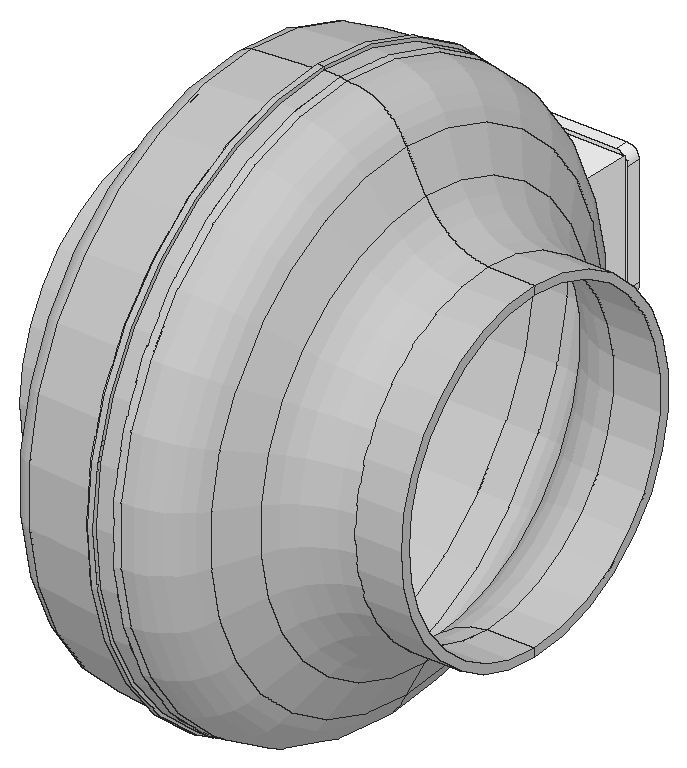
Revit family "CK 200 A EC_7001105", category Mechanical Equipment, Revit 2014
Parameters (values of type "CK 200 A EC")
  Wiring diagram = "4040180"
  Weight = 4.00 kg
  Voltage range = "200-240 / 50/60 V/Hz"
  Voltage = 230 V
  Speed = "2900 rpm"
  Sound pressure level at 3 m = "46 dB(A)"
  Power = 120 W
  Phase = 1
  Max. temperature of transported air when speed controlled = 60 °C
  Max. temperature of transported air = 60 °C
  Main Material = Steel, Galvanized
  Frequency = 50 Hz
  Elevation [instance] = 2772.5 mm
  Diameter = 199 mm
  Current = 0.97 A
  Capacitor = "- μF"
Reference planes
  plane 1 "Center (Front/Back)": y = 0
  plane 2: z = 0
  plane 3 "Center (Left/Right)": x = 0
  plane 4: z = 2772.5
Dimensions and locks
  "Elevation": plane 4 to plane 2
  aligned and locked: level to plane 2
  aligned and locked: plane 3 "Center (Left/Right)" to nested 1
  aligned and locked: plane 1 "Center (Front/Back)" to nested 1
  aligned and locked: nested 1 to plane 4
  aligned and locked: plane 1 "Center (Front/Back)" to nested 2
  aligned and locked: plane 3 "Center (Left/Right)" to nested 2
Nested families
  nested 1: "CK 200 A AC_CK 200 B ErP AC_CK 200 A EC_CK 200 B EC_geometry" at (0, 0, 2600), type "CK 200 A AC_CK 200 B ErP AC_CK 200 A EC_CK 200 B EC_geometry"
  nested 2: "Flow direction symbol" at (0, 0, 0), type "Flow direction symbol"
Connectors
  hvac at (-114, 0, 2772.5), driven by "Diameter"
    settings: on nested 1, index 1, duct flow 0.0 L/s, flow factor 0, pres drop 0.0 Pa, loss coef 0, conn angle 0.00°, conn width 304.8 mm, conn height 304.8 mm, conn diameter 199 mm, duct sys type 1, conn prof type 0, flow config 0, flow direction 1, loss method 0, conn ref index -1, conn util no, is conn primary yes, conn desc ""
  hvac at (114, 0, 2772.5), driven by "Diameter"
    settings: on nested 1, index 2, duct flow 0.0 L/s, flow factor 0, pres drop 0.0 Pa, loss coef 0, conn angle 0.00°, conn width 304.8 mm, conn height 304.8 mm, conn diameter 199 mm, duct sys type 3, conn prof type 0, flow config 0, flow direction 2, loss method 0, conn ref index -1, conn util no, is conn primary no, conn desc ""
  electrical at (-41.002, 213.31, 2773.759), driven by "Phase", driven by "Voltage"
    settings: on nested 1, index 3, voltage 230 V, apparent load 0 VA, apparent load phase1 0 VA, apparent load phase2 0 VA, apparent load phase3 0 VA, power factor 1, load classification "Other", number of poles 1, system type 31, power factor state 1, is connector primary yes, connector utility no, sub classification motor no, connector description ""
Definition of nested family "CK 200 A AC_CK 200 B ErP AC_CK 200 A EC_CK 200 B EC_geometry"
  Parameters (values of type "CK 200 A AC_CK 200 B ErP AC_CK 200 A EC_CK 200 B EC_geometry")
    Main Material = Steel, Galvanized
  Reference planes
    plane 1 "Center (Front/Back)": y = 0
    plane 2: z = 0
    plane 3 "Center (Left/Right)": x = 0
    plane 4: z = 172.5
    plane 5: y = 213.31
    plane 6: y = 172.5
    plane 7: y = -172.5
    plane 8: x = -114
    plane 9: x = 114
    plane 10: z = 345
  Forms (mm)
    Revolve 1, solid, material "Steel, Galvanized" <- "Main Material", detail levels coarse
      sketch origin (0, 0, 0) x (1, 0, 0) y (0, 0, 1)
        loop
          line (-114, 172.5) -> (-114, 73) -> (-84, 73)
          arc (-84, 73) -> (-80.275, 71.617) -> (-78.355, 68.138) r 5.708
          line (-78.355, 68.138) -> (-69.37, 21.916)
          arc (-69.37, 21.916) -> (-64.559, 12.07) -> (-55.46, 5.963) r 21.11
          arc (-55.46, 5.963) -> (-35.501, 2.961) -> (-15.481, 0.401) r 915.775
          arc (-15.481, 0.401) -> (-8.934, 0.051) -> (-2.396, 0.525) r 52.168
          arc (-2.396, 0.525) -> (11.553, 3.79) -> (24.64, 9.619) r 75.85
          arc (24.64, 9.619) -> (30.539, 14.005) -> (35.163, 19.721) r 29.321
          arc (35.163, 19.721) -> (41.654, 31.255) -> (47.159, 43.292) r 158.269
          arc (47.159, 43.292) -> (62.566, 63.44) -> (86.059, 73) r 48.289
          line (86.059, 73) -> (114, 73) -> (114, 172.5) -> (-114, 172.5)
        axis (-114, 172.5) -> (114, 172.5)
      angle from 0 to 360
    Extrusion 2, solid, material "Plastic", detail levels medium+fine
      sketch origin (2.5, 53.648, 51.25) x (1, 0, 0) y (0, 0, 1)
        loop
          line (-4.004, 163.259) -> (-83, 163.259)
          arc (-83, 163.259) -> (-87.95, 161.209) -> (-90, 156.259) r 7
          line (-90, 156.259) -> (-90, 90.259)
          arc (-90, 90.259) -> (-87.071, 83.188) -> (-80, 80.259) r 10
          line (-80, 80.259) -> (-7.004, 80.259)
          arc (-7.004, 80.259) -> (0.067, 83.188) -> (2.996, 90.259) r 10
          line (2.996, 90.259) -> (2.996, 156.259)
          arc (2.996, 156.259) -> (0.945, 161.209) -> (-4.004, 163.259) r 7
      from -159.662 to -151.628
    Extrusion 3, solid, material "Plastic", detail levels medium+fine
      sketch origin (2.5, 53.648, 51.25) x (0, 1, 0) y (0, 0, 1)
        loop
          line (118.852, 161.259) -> (118.852, 81.741) -> (151.628, 81.741) -> (151.628, 161.259) -> (118.852, 161.259)
      from -88 to 1
    Revolve 4, solid, material "Steel, Galvanized" <- "Main Material", detail levels medium+fine
      sketch origin (0, 0, 0) x (1, 0, 0) y (0, 0, 1)
        loop
          line (114, 172.5) -> (-114, 172.5) -> (-114, 73) -> (-85.704, 73)
          arc (-85.704, 73) -> (-80.507, 70.847) -> (-78.355, 65.65) r 7.35
          line (-78.355, 65.65) -> (-71.444, 30.098)
          arc (-71.444, 30.098) -> (-69.975, 23.62) -> (-68.107, 17.245) r 107.063
          arc (-68.107, 17.245) -> (-63.303, 9.901) -> (-55.46, 5.963) r 16.87
          line (-55.46, 5.963) -> (-17.973, 2.683) -> (-15.481, 2.683) -> (-15.481, 0) -> (-11.992, 0) -> (-11.992, 1.821) -> (-1.992, 1.821) -> (1.763, 2.827)
          arc (1.763, 2.827) -> (23.138, 8.85) -> (37.335, 25.928) r 37.415
          line (37.335, 25.928) -> (49.071, 48.002)
          arc (49.071, 48.002) -> (64.455, 65.103) -> (86.059, 73) r 47.629
          line (86.059, 73) -> (114, 73) -> (114, 172.5)
        axis (114, 172.5) -> (-114, 172.5)
      angle from 0 to 360
    Revolve 5, void
      sketch origin (0, 0, 0) x (1, 0, 0) y (0, 0, 1)
        loop
          line (114, 172.5) -> (-114, 172.5) -> (-114, 78) -> (-85.704, 78)
          arc (-85.704, 78) -> (-77.166, 74.573) -> (-73.367, 66.193) r 12.35
          line (-73.367, 66.193) -> (-66.536, 31.052)
          arc (-66.536, 31.052) -> (-65.135, 24.877) -> (-63.355, 18.8) r 102.063
          arc (-63.355, 18.8) -> (-60.072, 13.72) -> (-54.712, 10.917) r 11.87
          line (-54.712, 10.917) -> (-17.537, 7.664) -> (1.896, 7.826)
          arc (1.896, 7.826) -> (20.513, 13.107) -> (32.802, 28.055) r 32.415
          line (32.802, 28.055) -> (44.657, 50.349)
          arc (44.657, 50.349) -> (61.769, 69.322) -> (85.799, 78) r 52.629
          line (85.799, 78) -> (114, 78) -> (114, 172.5)
        axis (114, 172.5) -> (-114, 172.5)
      angle from 0 to 360
  Cuts and joins
    Revolve 5 cuts Revolve 4
  Dimensions and locks
    aligned and locked: level to plane 2
Definition of nested family "Flow direction symbol"
  Parameters (values of type "Flow direction symbol")
    Warning = "!"
    Text = "DIMENSIONS OVERCONSTRAINT"
  Reference planes
    plane 1: y = 0
    plane 2: x = 0
  Lines and regions (mm)
    detail lines
      curve 1: line (-0.506, 0.877, 0) -> (-0.506, -0.877, 0)
      curve 2: line (1.012, 0, 0) -> (-0.506, -0.877, 0)
      curve 3: line (-0.506, 0.877, 0) -> (1.012, 0, 0)
      curve 4: circle (0, 0, 0) r 1 normal (0, 0, 1)
